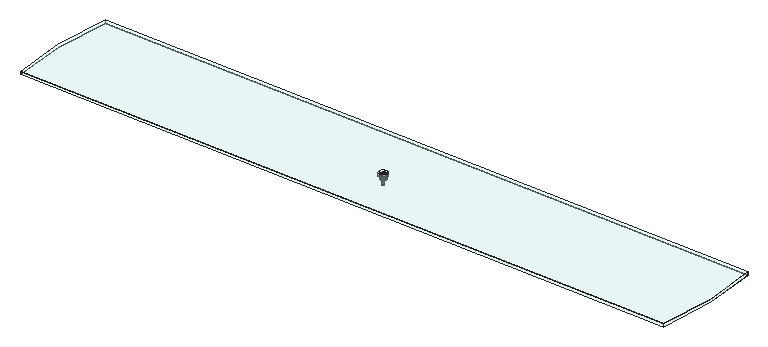
Revit family "MPR Series Nozzles - Stream Bubbler Nozzles", category Conexões de tubo, Revit 2020
Family settings
  Cota do conector redondo = Utilizar diâmetro
  Tipo de parte = Cobertura
  Número OmniClass = 23.60.30.11.14
  Título OmniClass = Pipework Fittings
  Com base no plano de trabalho = Sim
  Sempre na vertical = Sim
  Corte com vazios quando carregada = Não
  Compartilhado = Não
Parameters (values of type "5 Series MPR Stream Bubbler Nozzles")
  Water Visibility 5Q B [instance] = no
  Water Visibility 5H B [instance] = no
  Water Visibility 5F B [instance] = no
  Water Visibility 5CST B [instance] = yes
  Water = Water
  URL = "https://www.rainbird.com/"
  Type = 5 ft
  SupportProjetos: Reviw Date = ""  # constant formula
  SupportProjetos: Level of Detail = "LOD 300"  # constant formula
  SupportProjetos: Developed = "MICHEL SOARES MOTA"  # constant formula
  SupportProjetos: Creation Date = "25/07/2020"  # constant formula
  Reviw = "R00"  # constant formula
  RainBird: Product Link = "https://store.rainbird.com/sprinklers/nozzles.html?sprays_nozzleseries=102"
  RainBird: Description [instance] = "5 Series MPR Stream Bubbler Nozzles"  # constant formula
  RainBird: Comment [instance] = ""
  Radius [instance] = 5 ft  # constant formula
  R2 [instance] = 0.032808 ft
  R1 [instance] = 0.026247 ft
  Pressure [instance] = 15 psi
  Plastic 2 = Black Plastic
  Plastic 1 = Purple Plastic
  PCS - 090 [instance] = no
  PCS - 060 [instance] = no
  PCS - 040 [instance] = no
  PCS - 030 [instance] = no
  PCS - 025 [instance] = no
  PCS - 020 [instance] = yes
  Modelo = "5 MPR Bubbler"
  Metal = PARAFUSO
  H2 = 1.312 ft  # constant formula
  H1 [instance] = 0.049213 ft
  Flow [instance] = if(and(Water Visibility 5F B, Pressure = 15.0 psi, Type = 5 ft), 1.5 GPM, if(and(Water Visibility 5F B, Pressure = 20.0 psi, Type = 5 ft), 1.5 GPM, if(and(Water Visibility 5F B, Pressure = 25.0 psi, Type = 5 ft), 1.5 GPM, if(and(Water Visibility 5F B, Pressure = 30.0 psi, Type = 5 ft), 1.5 GPM, if(and(Water Visibility 5H B, Pressure = 15.0 psi, Type = 5 ft), 1.0 GPM, if(and(Water Visibility 5H B, Pressure = 20.0 psi, Type = 5 ft), 1.0 GPM, if(and(Water Visibility 5H B, Pressure = 25.0 psi, Type = 5 ft), 1.0 GPM, if(and(Water Visibility 5H B, Pressure = 30.0 psi, Type = 5 ft), 1.0 GPM, if(and(Water Visibility 5Q B, Pressure = 15.0 psi, Type = 5 ft), 0.5 GPM, if(and(Water Visibility 5Q B, Pressure = 20.0 psi, Type = 5 ft), 0.5 GPM, if(and(Water Visibility 5Q B, Pressure = 25.0 psi, Type = 5 ft), 0.5 GPM, if(and(Water Visibility 5Q B, Pressure = 30.0 psi, Type = 5 ft), 0.5 GPM, if(and(Water Visibility 5CST B, Pressure = 15.0 psi, Type = 5 ft), 0.5 GPM, if(and(Water Visibility 5CST B, Pressure = 20.0 psi, Type = 5 ft), 0.5 GPM, if(and(Water Visibility 5CST B, Pressure = 25.0 psi, Type = 5 ft), 0.5 GPM, if(and(Water Visibility 5CST B, Pressure = 30.0 psi, Type = 5 ft), 0.5 GPM, 0.0 GPM))))))))))))))))  # 0.5 GPM
  Default Elevation = 4 ft
  Description = "Spray Nozzles MPR Series "  # constant formula
  DT8 [instance] = if(Arch Angle < 360.00°, 0.098425 ft, 6.56168 ft)  # 6.56168 ft
  DT7 [instance] = 4 * Radius  # 20 ft
  DT4 [instance] = 5 * Radius  # 25 ft
  DT3 [instance] = 0.3397 * Radius  # 1.6985 ft
  DT2 = 0.098425 ft  # constant formula
  DT13 = 0.049769 ft
  DT12 = 0.070216 ft
  DT1 = 0.032808 ft
  DT6 = 0 ft
  DT5 [instance] = 0.6 * Radius  # 3 ft
  Blue Plastic = Transparent Plastic
  Arch Angle [instance] = 360.00°
  Angle 2 [instance] = if(Arch Angle < 360.00°, 360.00° - Arch Angle, 180.00°)  # 180.00°
  Angle Trajectory = 0.00°
Reference planes (ft)
  plane 1 "Centro (Frente/Trás)": y = 0
  plane 2: z = 0
  plane 3 "Centro (Esquerda/Direita)": x = 0
Forms (ft)
  Extrusion 1, solid, material "Water" <- "Water", visible <- "Water Visibility 5F B"
    sketch origin (0, 0, 0) x (1, 0, 0) y (0, 1, 0)
      loop
        circle (0, 0) r 5
      loop
        circle (0, 0) r 0.0625
    from 0.038472 to 0.084338
  Extrusion 2, solid, material "Water" <- "Water", visible <- "Water Visibility 5H B"
    sketch origin (0, 0, 0) x (1, 0, 0) y (0, 1, 0)
      loop
        arc (5, 0) -> (0, 5) -> (-5, 0) r 5
        line (-5, 0) -> (-0.0625, 0)
        arc (-0.0625, 0) -> (0, 0.0625) -> (0.0625, 0) r 0.0625
        line (0.0625, 0) -> (5, 0)
    from 0.038472 to 0.084338
  Extrusion 3, solid, material "Water" <- "Water", visible <- "Water Visibility 5Q B"
    sketch origin (0, 0, 0) x (1, 0, 0) y (0, 1, 0)
      loop
        arc (5, 0) -> (4.619398, 1.913417) -> (3.535534, 3.535534) r 5
        line (3.535534, 3.535534) -> (0.044194, 0.044194)
        arc (0.044194, 0.044194) -> (0.057742, 0.023918) -> (0.0625, 0) r 0.0625
        line (0.0625, 0) -> (5, 0)
    from 0.038472 to 0.084338
  Extrusion 4, solid, material "Water" <- "Water", visible <- "Water Visibility 5CST B"
    sketch origin (0, 0, 0) x (1, 0, 0) y (0, 1, 0)
      loop
        arc (4.936968, -0.791421) -> (4.999955, 0.021238) -> (4.930066, 0.833333) r 5
        line (4.930066, 0.833333) -> (-4.930066, 0.833333)
        arc (-4.930066, 0.833333) -> (-4.999955, 0.021238) -> (-4.936968, -0.791421) r 5
        line (-4.936968, -0.791421) -> (4.936968, -0.791421)
      loop
        circle (0, 0) r 0.0625
    from 0.038472 to 0.084338
Dimensions and locks (ft)
  radius of Extrusion 1 sketch curve = 5 ft
  radius of Extrusion 2 sketch curve = 5 ft
  radius of Extrusion 3 sketch curve = 5 ft
  radius of Extrusion 4 sketch curve = 5 ft
  aligned and locked: level to plane 2
Nested families (ft)
  nested 1: "R VAN PCS Screen" at (0, 0, 0), Material <- "Blue Plastic", PCS.020 <- "PCS - 020", PCS.025 <- "PCS - 025", PCS.030 <- "PCS - 030", PCS.040 <- "PCS - 040", PCS.060 <- "PCS - 060", PCS.090 <- "PCS - 090", type "R VAN PCS Screen"
    with RainBird: Description "PCS - 020", PCS.090 no, PCS.060 no, PCS.040 no, PCS.030 no, PCS.025 no, PCS.020 yes, Material Transparent Plastic
  nested 2: "BOCAL U" at (0, 0, 0), Material 2 <- "Plastic 2", Material 1 <- "Plastic 1", Matreral 3 <- "Metal", type "BOCAL U"
    with Matreral 3 PARAFUSO, Material 2 Black Plastic, Material 1 Purple Plastic
Connectors (ft)
  piping at (0, 0, 0), diameter 2
    settings: on nested 1, index 1, connector inside diameter 609.6 mm, connector length 0 ft, flow factor 0, pipe flow 0.0 GPM, pressure drop 0 psi, fitting loss kfactor 0, connector angle 0.00°, fixture units 0, engagement length 0 ft, angle of deflection 0.00°, flow configuration 0, flow direction 0, fitting loss method 0, system type 28, joint type 0, gender type 0, connector reference index -1, connector utility 0, adjustable connector no, is connector primary yes, connector description ""
Definition of nested family "R VAN PCS Screen"
  Parameters (values of type "R VAN PCS Screen")
    RainBird: Description [instance] = if(PCS.020, "PCS - 020", if(PCS.025, "PCS - 025", if(PCS.030, "PCS - 030", if(PCS.040, "PCS - 040", if(PCS.060, "PCS - 060", if(PCS.090, "PCS - 090", "Does not exist"))))))  # "PCS - 020"
    PCS.090 [instance] = no
    PCS.060 [instance] = no
    PCS.040 [instance] = no
    PCS.030 [instance] = no
    PCS.020 [instance] = yes
    PCS.025 [instance] = no
    Material [instance] = none
    Default Elevation = 0 ft
  Reference planes (ft)
    plane 1 "Centro (Frente/Trás)": y = 0
    plane 2: z = 0
    plane 3 "Centro (Esquerda/Direita)": x = 0
  Forms (ft)
    Revolve 1, solid, material <- "Material"
      sketch origin (0, 0, 0) x (1, 0, 0) y (0, 0, 1)
        loop
          line (0, -0.088229) -> (0.016404, -0.088229) -> (0.016404, -0.03138) -> (0.022015, -0.015965) -> (0.022015, -0.006562) -> (0.026522, -0.006562) -> (0.026522, 0) -> (0.015453, 0) -> (0.015453, -0.014808) -> (0.009843, -0.030223) -> (0.009843, -0.081723) -> (0, -0.081723) -> (0, -0.088229)
        axis (0, -0.088229) -> (0, 0)
      angle from 0 to 360
  Dimensions and locks (ft)
    level to Revolve 1 sketch curve = 0.088229 ft
    aligned and locked: level to plane 2
Definition of nested family "BOCAL U"
  Parameters (values of type "BOCAL U")
    Matreral 3 [instance] = none
    Material 2 [instance] = none
    Material 1 [instance] = none
    Default Elevation = 0 ft
  Reference planes (ft)
    plane 1 "Centro (Frente/Trás)": y = 0
    plane 2: z = 0
    plane 3 "Centro (Esquerda/Direita)": x = 0
  Forms (ft)
    Extrusion 1, solid, material <- "Material 2"
      sketch origin (0, 0, 0) x (1, 0, 0) y (0, 1, 0)
        loop
          line (-0.03118, -0.001271) -> (-0.008961, -0.001271)
          arc (-0.008961, -0.001271) -> (-0.009051, 0.000025) -> (-0.008954, 0.00132) r 0.009051
          line (-0.008954, 0.00132) -> (-0.031114, 0.00132)
          arc (-0.031114, 0.00132) -> (-0.031171, 0.000025) -> (-0.03118, -0.001271) r 0.035662
        loop
          arc (0.030801, -0.001271) -> (0.030856, 0.000024) -> (0.030865, 0.00132) r 0.035662
          line (0.030865, 0.00132) -> (0.008954, 0.00132)
          arc (0.008954, 0.00132) -> (0.009051, 0.000025) -> (0.008961, -0.001271) r 0.009051
          line (0.008961, -0.001271) -> (0.030801, -0.001271)
      from 0.038472 to 0.069223
    Extrusion 2, solid, material <- "Matreral 3"
      sketch origin (0, 0, 0) x (1, 0, 0) y (0, 1, 0)
        loop
          circle (0, 0) r 0.005499
      from 0.045527 to 0.069223
    Extrusion 3, solid, material <- "Matreral 3"
      sketch origin (0, 0, 0) x (1, 0, 0) y (0, 1, 0)
        loop
          arc (-0.000633, 0.005462) -> (-0.005499, 0) -> (-0.000633, -0.005462) r 0.005499
          line (-0.000633, -0.005462) -> (-0.000633, 0.005462)
        loop
          line (0.000633, 0.005462) -> (0.000633, -0.005462)
          arc (0.000633, -0.005462) -> (0.005499, 0) -> (0.000633, 0.005462) r 0.005499
      from 0.06414 to 0.070693
    Revolve 4, solid, material <- "Material 2"
      sketch origin (0, 0, 0) x (1, 0, 0) y (0, 0, 1)
        loop
          line (0.005759, 0.069223) -> (0.005759, 0.023442) -> (0.02249, 0.023442) -> (0.02249, 0) -> (0.038894, 0) -> (0.038894, 0.053848) -> (0.030801, 0.053848) -> (0.030801, 0.060361) -> (0.038894, 0.060361) -> (0.038894, 0.069223) -> (0.030865, 0.069223) -> (0.030865, 0.065245) -> (0.008961, 0.065245) -> (0.008961, 0.069223) -> (0.005759, 0.069223)
        axis (0, 0) -> (0, 0.069223)
      angle from 0 to 360
    Extrusion 5, solid, material <- "Material 1"
      sketch origin (0, 0, 0) x (1, 0, 0) y (0, 1, 0)
        loop
          circle (0, 0) r 0.038894
        loop
          circle (0, 0) r 0.030865
      from 0.069223 to 0.070693
  Cuts and joins
    joined: Extrusion 2, Extrusion 3
  Dimensions and locks (ft)
    aligned and locked: level to plane 2
